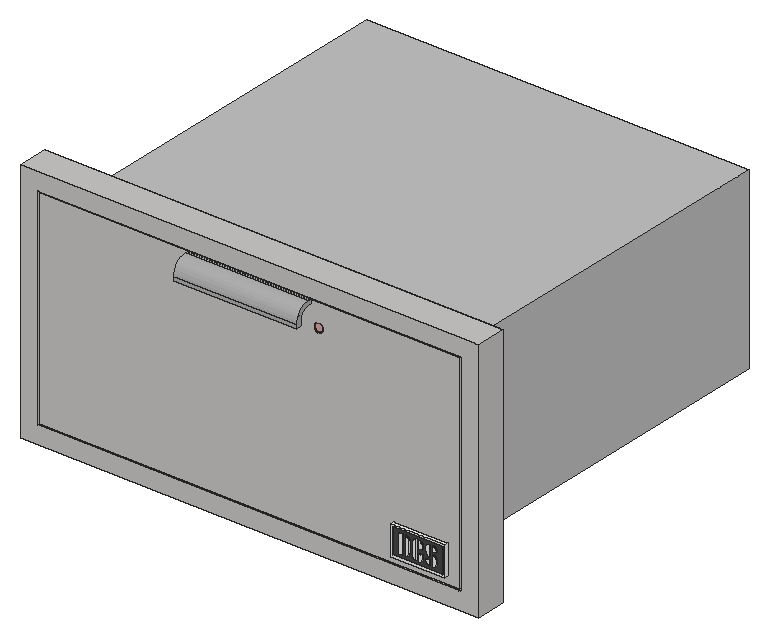
Revit family "DCS_3D_Revit_18_WD1-30-SSOD_Warming_Drawer_9000xxxxxxA", category Specialty Equipment, Revit 2018
Family settings
  Round Connector Dimension = Use Diameter
  Part Type = Normal
  OmniClass Number = 23.40.40.00
  OmniClass Title = Food Service Equipment and Furnishings
  Work Plane-Based = No
  Always vertical = Yes
  Cut with Voids When Loaded = Yes
  Shared = No
  Room Calculation Point = No
Parameters
  Visibility - Clearance Required = yes
  URL = "www.dcsappliances.com"
  Product - Width = 762 mm  # constant formula
  Product - Height = 406 mm  # constant formula
  Product - Depth = 640 mm  # constant formula
  Model = ""
  Material - Handle = DCS - Aluminium
  Material - Glass = DCS - Bezel Red
  Material - Door Front = DCS - Stainless Steel
  Material - Body = DCS - Grey
  Manufacturer = "Fisher & Paykel Appliances"
  Keynote = ""
  Description = ""
  Connector Description - Electrical = "110-120 V, 60 Hz, 15 A dedicated circuit"
  Chassis - Width = 715 mm  # constant formula
  Chassis - Height = 367 mm  # constant formula
  Chassis - Depth = 590 mm  # constant formula
  Cavity - Width = 720 mm  # constant formula
  Cavity - Height = 372 mm  # constant formula
  Cavity - Depth = 613 mm  # constant formula
Reference planes
  plane 1 "Center (Front/Back)": y = 0
  plane 2: z = 0
  plane 3 "Center (Left/Right)": x = 0
  plane 4 "Product - LHS": x = -381
  plane 5 "Product - RHS": x = 381
  plane 6 "Product - Depth": y = 590
  plane 7 "Cavity - LHS": x = -360
  plane 8 "Cavity - RHS": x = 360
  plane 9 "Cavity - Depth": y = 613
  plane 10 "Product - Height": z = 406
  plane 11 "Cavity - Height": z = 397
  plane 12 "Product - Front": y = -50
  plane 13: z = 199.65
Forms (mm)
  Extrusion 1, solid, material "DCS - Aluminium" <- "Material - Handle"
    sketch origin (0, 0, 0) x (0, 1, 0) y (0, 0, 1)
      loop
        line (-18.504, 372.2) -> (-18.504, 375.375) -> (-55.065, 375.375)
        arc (-55.065, 375.375) -> (-72.591, 368.116) -> (-79.85, 350.59) r 24.785
        line (-79.85, 350.59) -> (-79.85, 345.213) -> (-70.96, 345.213) -> (-70.96, 359.328)
        arc (-70.96, 359.328) -> (-64.789, 365.687) -> (-56.35, 368.39) r 18.249
        line (-56.35, 368.39) -> (-50, 368.39) -> (-50, 372.2) -> (-18.504, 372.2)
    from -102 to 102
  Extrusion 2, solid, material "DCS - Stainless Steel" <- "Material - Door Front"
    sketch origin (0, 0, 0) x (1, 0, 0) y (0, 0, 1)
      loop
        line (-380.7, 406) -> (-380.7, 0) -> (380.7, 0) -> (380.7, 406) -> (-380.7, 406)
      loop
        line (348.775, 375.072) -> (-349.025, 375.072) -> (-349.025, 31.9) -> (348.775, 31.9) -> (348.775, 375.072)
      loop
        line (-352.125, 377.8) -> (-352.125, 28.6) -> (352.125, 28.6) -> (352.125, 377.8) -> (-352.125, 377.8)
    from 0 to 50
  Extrusion 3, void
    sketch origin (0, 0, 0) x (1, 0, 0) y (0, 0, 1)
      loop
        circle (115.775, 337.7) r 7.907
    from 49 to 50
  Extrusion 4, solid, material "DCS - Grey" <- "Material - Body"
    sketch origin (0, 0, -25.503) x (0, 1, 0) y (0, 0, 1)
      loop
        line (20, 388.503) -> (20, 91.503) -> (590, 91.503) -> (590, 388.503) -> (20, 388.503)
    from -316.5 to 316.5
  Extrusion 5, solid, material "DCS - Grey" <- "Material - Body"
    sketch origin (0, 0, -3.55) x (0, 1, 0) y (0, 0, 1)
      loop
        line (0, 395.55) -> (0, 28.55) -> (20, 28.55) -> (20, 395.55) -> (0, 395.55)
    from -357.5 to 357.5
  Extrusion 6, solid, material "DCS - Clearance Required", detail levels coarse
    sketch origin (0, 0, 0) x (0, 1, 0) y (0, 0, 1)
      loop
        line (0, 397) -> (0, 25) -> (613, 25) -> (613, 397) -> (0, 397)
    from -360 to 360
  Extrusion 7, solid, material "DCS - Bezel Red" <- "Material - Glass", detail levels fine
    sketch origin (0, 0, 0) x (1, 0, 0) y (0, 0, 1)
      loop
        circle (115.775, 338.1) r 6.75
    from 49 to 50
  Extrusion 8, void
    sketch origin (0, 0, 0) x (0, 1, 0) y (0, 0, 1)
      loop
        line (0, 397) -> (0, 25) -> (613, 25) -> (613, 397) -> (0, 397)
    from -360 to 360
  Extrusion 9, void
    sketch origin (0, 0, 0) x (1, 0, 0) y (0, 0, 1)
      loop
        line (-383, 408.5) -> (-383, -2.5) -> (383, -2.5) -> (383, 408.5) -> (-383, 408.5)
    from 0 to 50
  Extrusion 10, solid, material "DCS - Grey" <- "Material - Body"
    sketch origin (0, 0, 0) x (1, 0, 0) y (0, 0, 1)
      loop
        circle (260, 97.5) r 5
    from -613 to -590
Cuts and joins
  Extrusion 3 cuts Extrusion 2
Text (mm)
  text "Due to ongoing product development, product details are subject to change without notice. \nPlease always refer to www.fisherpaykel.com for the most current product information. \n© Fisher & Paykel 2020" at (41.04, -459.323, 0), in view "Ref. Level (Plan)"
Dimensions and locks
  equal spacing: plane 4 "Product - LHS", plane 3 "Center (Left/Right)", plane 5 "Product - RHS"
  "Product - Width": plane 4 "Product - LHS" to plane 5 "Product - RHS"
  equal spacing: plane 7 "Cavity - LHS", plane 3 "Center (Left/Right)", plane 8 "Cavity - RHS"
  "Cavity - Width": plane 7 "Cavity - LHS" to plane 8 "Cavity - RHS"
  "Cavity - Depth": plane 1 "Center (Front/Back)" to plane 9 "Cavity - Depth"
  "Chassis - Depth": plane 6 "Product - Depth" to plane 1 "Center (Front/Back)"
  equal spacing: Extrusion 4, plane 3 "Center (Left/Right)", Extrusion 4
  equal spacing: Extrusion 5, plane 3 "Center (Left/Right)", Extrusion 5
  "Chassis - Width": Extrusion 5 to Extrusion 5
  Extrusion 4 to Extrusion 4 = 633 mm
  locked: Extrusion 5 to level at 25
  "Product - Height": plane 10 "Product - Height" to level
  locked: Extrusion 4 to Extrusion 4 at 297
  locked: Extrusion 5 to Extrusion 4 at 41
  "Cavity - Height": Extrusion 5 to plane 11 "Cavity - Height"
  "Product - Depth": plane 6 "Product - Depth" to plane 12 "Product - Front"
  equal spacing: Extrusion 9 sketch curve, plane 3 "Center (Left/Right)", Extrusion 9 sketch curve
  level to Extrusion 9 sketch curve = 2.5 mm
  locked: Extrusion 9 sketch curve to Extrusion 9 sketch curve at 766
  locked: Extrusion 9 sketch curve to Extrusion 9 sketch curve at 411
  "Chassis - Height": Extrusion 5 to Extrusion 8
  aligned and locked: level to plane 2
  aligned and locked: plane 6 "Product - Depth" to Extrusion 4
  aligned and locked: Extrusion 6 to plane 7 "Cavity - LHS"
  aligned and locked: Extrusion 6 to plane 8 "Cavity - RHS"
Automatic sketch dimensions
  Extrusion 1 sketch curve to plane 12 "Product - Front" = 0 mm
  Extrusion 1 sketch curve to plane 12 "Product - Front" = 5.065 mm
  Extrusion 1 sketch curve to Extrusion 1 sketch curve = 0.105 mm
  Extrusion 1 sketch curve to Extrusion 1 sketch curve = 6.35 mm
  Extrusion 1 sketch curve to Extrusion 1 sketch curve = 15.79 mm
  Extrusion 1 sketch curve to Extrusion 1 sketch curve = 8.89 mm
  plane 1 "Center (Front/Back)" to Extrusion 1 sketch curve = 18.504 mm
  Extrusion 1 sketch curve to plane 11 "Cavity - Height" = 51.787 mm
  Extrusion 1 sketch curve to Extrusion 1 sketch curve = 4.967 mm
  Extrusion 1 sketch curve to Extrusion 1 sketch curve = 5.378 mm
  Extrusion 1 sketch curve to Extrusion 1 sketch curve = 8.737 mm
  Extrusion 1 sketch curve to Extrusion 1 sketch curve = 3.81 mm
  Extrusion 2 sketch curve to level = 0 mm
  Extrusion 2 sketch curve to plane 10 "Product - Height" = 0 mm
  Extrusion 2 sketch curve to plane 4 "Product - LHS" = 0.3 mm
  Extrusion 2 sketch curve to plane 7 "Cavity - LHS" = 7.875 mm
  Extrusion 2 sketch curve to Extrusion 2 sketch curve = 3.1 mm
  plane 8 "Cavity - RHS" to Extrusion 2 sketch curve = 11.225 mm
  Extrusion 2 sketch curve to Extrusion 2 sketch curve = 3.35 mm
  plane 5 "Product - RHS" to Extrusion 2 sketch curve = 0.3 mm
  level to Extrusion 2 sketch curve = 28.6 mm
  Extrusion 2 sketch curve to Extrusion 2 sketch curve = 3.3 mm
  Extrusion 2 sketch curve to plane 11 "Cavity - Height" = 21.928 mm
  Extrusion 2 sketch curve to Extrusion 2 sketch curve = 2.728 mm
  plane 3 "Center (Left/Right)" to Extrusion 3 sketch curve = 115.775 mm
  Extrusion 3 sketch curve to plane 11 "Cavity - Height" = 59.3 mm
  Extrusion 4 sketch curve to plane 6 "Product - Depth" = 0 mm
  Extrusion 4 sketch curve to plane 1 "Center (Front/Back)" = 20 mm
  level to Extrusion 4 sketch curve = 66 mm
  Extrusion 4 sketch curve to plane 11 "Cavity - Height" = 34 mm
  Extrusion 5 sketch curve to plane 1 "Center (Front/Back)" = 0 mm
  Extrusion 5 sketch curve to plane 1 "Center (Front/Back)" = 20 mm
  level to Extrusion 5 sketch curve = 25 mm
  Extrusion 5 sketch curve to plane 11 "Cavity - Height" = 5 mm
  Extrusion 6 sketch curve to plane 1 "Center (Front/Back)" = 0 mm
  plane 9 "Cavity - Depth" to Extrusion 6 sketch curve = 0 mm
  Extrusion 6 sketch curve to plane 11 "Cavity - Height" = 0 mm
  level to Extrusion 6 sketch curve = 25 mm
  plane 3 "Center (Left/Right)" to Extrusion 7 sketch curve = 115.775 mm
  Extrusion 7 sketch curve to plane 11 "Cavity - Height" = 58.9 mm
  Extrusion 8 sketch curve to plane 1 "Center (Front/Back)" = 0 mm
  plane 9 "Cavity - Depth" to Extrusion 8 sketch curve = 0 mm
  Extrusion 8 sketch curve to plane 11 "Cavity - Height" = 0 mm
  level to Extrusion 8 sketch curve = 25 mm
  plane 8 "Cavity - RHS" to Extrusion 10 sketch curve = 100 mm
  level to Extrusion 10 sketch curve = 97.5 mm
  radius of Extrusion 3 sketch curve = 7.907 mm
  radius of Extrusion 7 sketch curve = 6.75 mm
  radius of Extrusion 10 sketch curve = 5 mm
Nested families
  nested 1: "DCS Logo New Large" at (284.085, -50, 68.365), type "DCS Logo New Large"
Connectors
  electrical at (260, 613, 97.5), driven by "Connector Description - Electrical"
    settings: on Extrusion 10, index 1, voltage 115 V, apparent load 0 VA, apparent load phase1 0 VA, apparent load phase2 0 VA, apparent load phase3 0 VA, power factor 1, load classification "Other", number of poles 1, system type 30, power factor state 1, is connector primary yes, connector utility no, sub classification motor no, connector description "110-120 V, 60 Hz, 15 A dedicated circuit"
Definition of nested family "DCS Logo New Large"
  Parameters (values of type "DCS Logo New Large")
    URL = "www.dcsappliances.com"
    Product - Width = 89.45 mm
    Product - Height = 49 mm
    Product - Depth = 6 mm
    Material - Logo = none
    Material - Body = none
    Manufacturer = "Fisher & Paykel Appliances"
  Reference planes
    plane 1 "Center (Front/Back)": y = 0
    plane 2: z = 0
    plane 3 "Center (Left/Right)": x = 0
    plane 4 "Product Top": z = 24.5
    plane 5 "Product LHS": x = -44.725
    plane 6 "Product RHS": x = 44.725
    plane 7 "Product - Depth": y = -6
    plane 8 "Product Bottom": z = -24.5
  Forms (mm)
    Extrusion 1, solid, material <- "Material - Logo", detail levels medium+fine
      sketch origin (0, 0, -0.347) x (1, 0, 0) y (0, 0, 1)
        loop
          line (-44.725, 24.847) -> (-44.725, -24.153) -> (44.725, -24.153) -> (44.725, 24.847) -> (-44.725, 24.847)
        loop
          line (-41.725, 21.847) -> (-41.725, -21.153) -> (41.725, -21.153) -> (41.725, 21.847) -> (-41.725, 21.847)
      from 0 to 6
    Extrusion 2, solid, material <- "Material - Body", detail levels medium+fine
      sketch origin (0, 0, 0) x (1, 0, 0) y (0, 0, 1)
        loop
          line (-41.725, 21.5) -> (-41.725, -21.5) -> (41.725, -21.5) -> (41.725, 21.5) -> (-41.725, 21.5)
      from 0 to 4.974
    Extrusion 3, solid, material <- "Material - Logo", detail levels fine
      sketch origin (0, 0, 0) x (1, 0, 0) y (0, 0, 1)
        loop
          line (-31.141, 15.364) -> (-31.141, -15.364) -> (-25.323, -15.364) -> (-25.323, 15.364) -> (-31.141, 15.364)
        loop
          arc (-20.07, -15.416) -> (-15.93, -13.415) -> (-14.252, -9.134) r 6.301
          line (-14.252, -9.134) -> (-14.252, 9.134)
          arc (-14.252, 9.134) -> (-15.93, 13.414) -> (-20.07, 15.412) r 6.296
          line (-20.07, 15.412) -> (-20.07, -15.416)
        loop
          arc (-8.445, -9.134) -> (-6.767, -13.414) -> (-2.627, -15.412) r 6.296
          line (-2.627, -15.412) -> (-2.627, 15.416)
          arc (-2.627, 15.416) -> (-6.767, 13.415) -> (-8.445, 9.134) r 6.301
          line (-8.445, 9.134) -> (-8.445, -9.134)
        loop
          arc (2.627, -15.377) -> (6.765, -13.401) -> (8.445, -9.134) r 6.259
          line (8.445, -9.134) -> (8.445, -4.011) -> (2.627, -4.011) -> (2.627, -15.377)
        loop
          arc (8.445, 9.134) -> (6.767, 13.414) -> (2.627, 15.412) r 6.296
          line (2.627, 15.412) -> (2.627, 4.011) -> (8.445, 4.011) -> (8.445, 9.134)
        loop
          line (20.07, -2.527) -> (20.07, 15.375)
          arc (20.07, 15.375) -> (15.932, 13.4) -> (14.252, 9.134) r 6.257
          line (14.252, 9.134) -> (14.252, 4.145)
          arc (14.252, 4.145) -> (16.005, -0.199) -> (20.07, -2.527) r 7.155
        loop
          line (14.252, -6.875) -> (14.252, -9.134)
          arc (14.252, -9.134) -> (15.93, -13.414) -> (20.07, -15.412) r 6.296
          line (20.07, -15.412) -> (20.07, -6.875) -> (14.252, -6.875)
        loop
          line (25.323, 2.499) -> (25.323, -15.378)
          arc (25.323, -15.378) -> (29.461, -13.401) -> (31.141, -9.134) r 6.259
          line (31.141, -9.134) -> (31.141, -4.145)
          arc (31.141, -4.145) -> (29.481, 0.271) -> (25.323, 2.499) r 6.702
        loop
          line (25.323, 6.875) -> (31.141, 6.875) -> (31.141, 9.134)
          arc (31.141, 9.134) -> (29.464, 13.419) -> (25.323, 15.427) r 6.313
          line (25.323, 15.427) -> (25.323, 6.875)
      from 4.974 to 6
  Dimensions and locks
    plane 7 "Product - Depth" to plane 1 "Center (Front/Back)" = 6 mm
    equal spacing: Extrusion 1 sketch curve, plane 3 "Center (Left/Right)", Extrusion 1 sketch curve
    "Product - Depth": plane 7 "Product - Depth" to plane 1 "Center (Front/Back)"
    equal spacing: plane 4 "Product Top", level, plane 8 "Product Bottom"
    "Product - Height": plane 4 "Product Top" to plane 8 "Product Bottom"
    equal spacing: plane 5 "Product LHS", plane 3 "Center (Left/Right)", plane 6 "Product RHS"
    "Product - Width": plane 5 "Product LHS" to plane 6 "Product RHS"
    aligned and locked: level to plane 2
    aligned and locked: Extrusion 1 to plane 7 "Product - Depth"
    aligned and locked: Extrusion 3 to plane 7 "Product - Depth"
    aligned and locked: plane 6 "Product RHS" to Extrusion 1 sketch curve
    aligned and locked: Extrusion 1 sketch curve to plane 4 "Product Top"
    aligned and locked: plane 8 "Product Bottom" to Extrusion 1 sketch curve
    aligned and locked: Extrusion 1 sketch curve to plane 5 "Product LHS"
    aligned and locked: Extrusion 2 sketch curve to Extrusion 1  (x4)
  Automatic sketch dimensions
    Extrusion 3 sketch curve to plane 5 "Product LHS" = 13.584 mm
    Extrusion 3 sketch curve to Extrusion 3 sketch curve = 5.818 mm  (x5)
    Extrusion 3 sketch curve to Extrusion 3 sketch curve = 4.771 mm
    Extrusion 3 sketch curve to Extrusion 3 sketch curve = 4.775 mm
    Extrusion 3 sketch curve to Extrusion 3 sketch curve = 6.296 mm
    Extrusion 3 sketch curve to Extrusion 3 sketch curve = 5.807 mm  (x3)
    Extrusion 3 sketch curve to plane 3 "Center (Left/Right)" = 2.627 mm
    Extrusion 3 sketch curve to plane 3 "Center (Left/Right)" = 2.149 mm
    Extrusion 3 sketch curve to plane 3 "Center (Left/Right)" = 2.144 mm
    plane 3 "Center (Left/Right)" to Extrusion 3 sketch curve = 2.148 mm
    plane 3 "Center (Left/Right)" to Extrusion 3 sketch curve = 2.186 mm
    plane 3 "Center (Left/Right)" to Extrusion 3 sketch curve = 2.627 mm  (x2)
    Extrusion 3 sketch curve to level = 2.527 mm
    Extrusion 3 sketch curve to Extrusion 3 sketch curve = 0 mm  (x3)
    Extrusion 3 sketch curve to Extrusion 3 sketch curve = 0.439 mm
    Extrusion 3 sketch curve to Extrusion 3 sketch curve = 0.478 mm
    level to Extrusion 3 sketch curve = 4.504 mm
    Extrusion 3 sketch curve to Extrusion 3 sketch curve = 0.889 mm
    Extrusion 3 sketch curve to Extrusion 3 sketch curve = 4.369 mm
    Extrusion 3 sketch curve to Extrusion 3 sketch curve = 4.32 mm
    Extrusion 3 sketch curve to Extrusion 3 sketch curve = 4.334 mm
    Extrusion 3 sketch curve to Extrusion 3 sketch curve = 5.254 mm  (x3)
    Extrusion 3 sketch curve to Extrusion 3 sketch curve = 6.702 mm
    Extrusion 3 sketch curve to level = 4.011 mm
    Extrusion 3 sketch curve to level = 4.145 mm
    Extrusion 3 sketch curve to Extrusion 3 sketch curve = 2.865 mm
    Extrusion 3 sketch curve to Extrusion 3 sketch curve = 4.989 mm
    Extrusion 3 sketch curve to Extrusion 3 sketch curve = 5.123 mm  (x2)
    Extrusion 3 sketch curve to Extrusion 3 sketch curve = 2.259 mm  (x2)
    Extrusion 3 sketch curve to level = 9.134 mm
    Extrusion 3 sketch curve to Extrusion 3 sketch curve = 6.23 mm  (x2)
    level to Extrusion 3 sketch curve = 4.011 mm
    level to Extrusion 3 sketch curve = 6.875 mm
    level to Extrusion 3 sketch curve = 9.134 mm
    Extrusion 3 sketch curve to Extrusion 3 sketch curve = 4.63 mm
    Extrusion 1 sketch curve to plane 5 "Product LHS" = 3 mm
    Extrusion 1 sketch curve to plane 4 "Product Top" = 3 mm
    plane 8 "Product Bottom" to Extrusion 1 sketch curve = 3 mm
